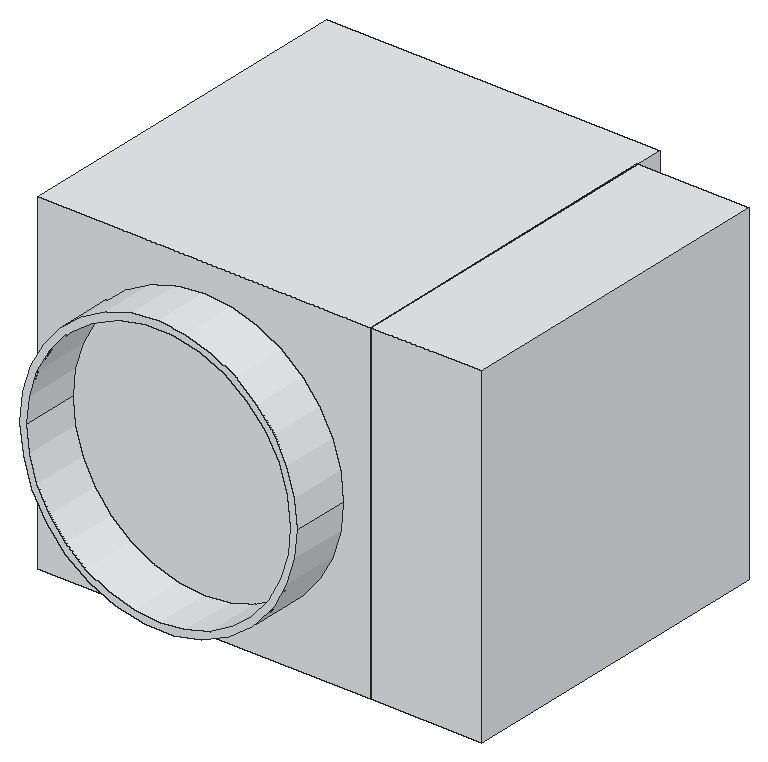
Revit family "Electric_Furnace-Unico-Round_Plenum", category Mechanical Equipment, Revit 2020
Family settings
  Round Connector Dimension = Use Diameter
  Classification = None
  Part Type = Normal
  OmniClass Number = 23.75.70.00
  OmniClass Title = HVAC Distribution Devices
  Work Plane-Based = No
  Always vertical = Yes
  Cut with Voids When Loaded = No
  Shared = No
  Room Calculation Point = No
Parameters (values of type "Not a Type - Load Type Catalog")
  Warranty URL = "https://www.unicosystem.com/wp-content/uploads/2022/08/Bulletin-10-010.pdf"
  Voltage [instance] = 240 V  # constant formula
  Video Link = "https://www.youtube.com/watch?v=aUAUzyZZRxY&themeRefresh=1"
  Version = "2020 - v1.0a"  # constant formula
  URL = "https://www.unicosystem.com/"
  Support Phone [instance] = "(224) 699-9545"  # constant formula
  Support Email [instance] = "support@bimsmith.com"
  Nominal Capacity = 1000 W * (size_lookup("Size", "kW", 0, Constraints))  # 2000 W
  Clearance [instance] = no
  Product Page URL = "https://shop.unicosystem.com/index.php?route=product/catalog&filter_keyword=Electric%20Furnace"
  Product Documentation Link = "https://shop.unicosystem.com/index.php?route=product/catalog&filter_keyword=Electric%20Furnace"
  Power Factor = 1  # constant formula
  Performance URL = "https://www.unicosystem.com/literature-media/"
  Number of Poles = size_lookup("Size", "Phase", 0, Constraints)  # 1
  Model = size_lookup("Size", "Model", "N/A", Constraints)  # "WON0202-C"
  Manufacturer Phone Number = "314-481-9000"  # constant formula
  Manufacturer Fax Number = "314-457-9000"  # constant formula
  Manufacturer Email = "https://www.unicosystem.com/customer-%20support/"
  Manufacturer Address = "1120 Intagliata Drive Arnold, MO 63010"  # constant formula
  Manufacturer = "Unico, Inc."  # constant formula
  Load Classification = HVAC
  Keynote = "23 30 00"
  Instruction Sheet Link = "https://www.unicosystem.com/wp-content/uploads/2024/01/Bulletin-30-020.pdf"
  Frequency = 60 Hz  # constant formula
  Finish = Metal - Unico - Silver
  Description = "Electric Furnace"  # constant formula
  Default Elevation = 0' - 0"
  Copyright = "© 2022 The Unico System. All rights reserved."  # constant formula
  Constraints = 1
  Width = size_lookup("Size", "Width", 0' 0", Constraints)  # 1' - 0"
  Length = size_lookup("Size", "Depth", 0' 0", Constraints)  # 1' - 1"
  Height = size_lookup("Size", "Height", 0' 0", Constraints)  # 1' - 0"
  Plenum Connection Diameter [instance] = 10"  # constant formula
  Assembly Code = "D3040100"
  Apparent Load = 1 VA * (size_lookup("Size", "Amp", 0, Constraints))  # 8.3 VA
Reference planes (in)
  plane 1 "Center (Front/Back)": y = 0
  plane 2: z = 0
  plane 3 "Center (Left/Right)": x = 0
Dimensions and locks (in)
  aligned and locked: plane 2 to level
  aligned and locked: plane 3 "Center (Left/Right)" to nested 1
  aligned and locked: nested 1 to plane 1 "Center (Front/Back)"
Nested families (in)
  nested 1: "Nested - Geo" at (-6, -6.5, 0), type "Default"
Connectors (in)
  hvac at (0, -8.54275, 6), driven by "Plenum Connection Diameter"
    settings: on nested 1, index 1, duct flow 0 CFM, flow factor 0, pres drop 0.00 in-wg, loss coef 0, conn angle 0.00°, conn width 12", conn height 12", conn diameter 10", duct sys type 4, conn prof type 0, flow config 0, flow direction 2, loss method 0, conn ref index -1, conn util no, is conn primary yes, conn desc "Plenum Connection"
  electrical at (10, -0.5, 6), driven by "Number of Poles", driven by "Load Classification", driven by "Voltage", driven by "Apparent Load", driven by "Power Factor"
    settings: on nested 1, index 2, voltage 240 V, apparent load 0 VA, apparent load phase1 8.3 VA, apparent load phase2 0 VA, apparent load phase3 0 VA, power factor 1, load classification "HVAC", number of poles 1, system type 31, power factor state 1, is connector primary yes, connector utility no, sub classification motor no, connector description "Electrical Connector"
Definition of nested family "Nested - Geo"
  Parameters (values of type "Default")
    Width = size_lookup("Size", "Width", 0' 1", Constraints)  # 1' - 0"
    Length = size_lookup("Size", "Depth", 0' 1", Constraints)  # 1' - 1"
    L = size_lookup("Size", "L", 0' 1", Constraints)  # 1' - 0"
    Height = size_lookup("Size", "Height", 0' 1", Constraints)  # 1' - 0"
    Finish = none
    Duct Diameter = 0' - 10"  # constant formula
    Default Elevation = 4' - 0"
    Constraints = 1
    Clearance = no
  Reference planes (in)
    plane 1 "Center (Front/Back)": y = 0
    plane 2: z = 0
    plane 3 "Center (Left/Right)": x = 0
    plane 4: y = 13
    plane 5: x = 12
    plane 6: x = 16
    plane 7: z = 12
    plane 8: x = 6
    plane 9: z = 6
    plane 10: x = 6
    plane 11: z = 6
    plane 12: x = 28
    plane 13: y = 6.5
  Forms (in)
    Extrusion 1, solid, material <- "Finish"
      sketch origin (0, 0, 0) x (1, 0, 0) y (0, 1, 0)
        loop
          line (0, 13) -> (0, 0) -> (12, 0) -> (12, 13) -> (0, 13)
      from 0 to 12
    Extrusion 2, solid, material <- "Finish"
      sketch origin (0, 0, 0) x (1, 0, 0) y (0, 1, 0)
        loop
          line (16, 0) -> (16, 12) -> (12, 12) -> (12, 0) -> (16, 0)
      from 0 to 12
    Extrusion 3, solid, material <- "Finish", detail levels coarse
      sketch origin (0, 0, 0) x (1, 0, 0) y (0, 0, 1)
        loop
          circle (6, 6) r 5
      from 0 to 2.04275
    Extrusion 4, solid, material <- "Finish", detail levels medium+fine
      sketch origin (0, 0, 0) x (1, 0, 0) y (0, 0, 1)
        loop
          circle (6, 6) r 5
        loop
          circle (6, 6) r 4.75
      from 0 to 2.04275
    Extrusion 5, solid, visible <- "Clearance"
      sketch origin (0, 0, 0) x (1, 0, 0) y (0, 1, 0)
        loop
          arc (28, 0) -> (24.48528, 8.48528) -> (16, 12) r 12
          line (16, 12) -> (16, 0) -> (28, 0)
      from 0 to 12
  Dimensions and locks (in)
    "L": plane 1 "Center (Front/Back)" to Extrusion 2 sketch curve
    "Height": plane 7 to plane 2
    equal spacing: plane 5, plane 8, plane 3 "Center (Left/Right)"
    equal spacing: plane 7, plane 9, plane 2
    "Width": plane 3 "Center (Left/Right)" to plane 5
    locked: plane 5 to plane 6 at 4
    equal spacing: plane 5, plane 10, plane 3 "Center (Left/Right)"
    equal spacing: plane 7, plane 11, level
    "Length": plane 1 "Center (Front/Back)" to plane 4
    "L": plane 6 to plane 12
    equal spacing: plane 1 "Center (Front/Back)", plane 13, plane 4
    "Duct Diameter": diameter of Extrusion 3 sketch curve
    "Duct Diameter": diameter of Extrusion 4 sketch curve
    "L": radius of Extrusion 5 sketch curve
    aligned and locked: plane 2 to level
    aligned and locked: Extrusion 1 sketch curve to plane 4
    aligned and locked: plane 3 "Center (Left/Right)" to Extrusion 1 sketch curve
    aligned and locked: Extrusion 1 sketch curve to plane 1 "Center (Front/Back)"
    aligned and locked: Extrusion 1 sketch curve to plane 5
    aligned and locked: Extrusion 2 sketch curve to plane 1 "Center (Front/Back)"
    aligned and locked: Extrusion 2 sketch curve to plane 6
    aligned and locked: plane 5 to Extrusion 2 sketch curve
    aligned and locked: plane 7 to Extrusion 1
    aligned and locked: plane 7 to Extrusion 2
    aligned and locked: plane 8 to Extrusion 3 sketch curve
    aligned and locked: plane 9 to Extrusion 3 sketch curve
    aligned and locked: plane 10 to Extrusion 4 sketch curve
    aligned and locked: plane 11 to Extrusion 4 sketch curve
    aligned and locked: plane 6 to Extrusion 5 sketch curve
    aligned and locked: plane 1 "Center (Front/Back)" to Extrusion 5 sketch curve
    aligned and locked: Extrusion 5 sketch curve to plane 1 "Center (Front/Back)"
    aligned and locked: Extrusion 5 sketch curve to plane 6
    aligned and locked: Extrusion 5 to Extrusion 1
    aligned and locked: Extrusion 2 to Extrusion 1
  Automatic sketch dimensions
    Extrusion 4 sketch curve to Extrusion 4 sketch curve = 0' - 0"  (x2)
    radius of Extrusion 4 sketch curve = 0' - 4 3/4"
Types in the file's own list only (10): name | Nominal Capacity | Number of Poles | Model | Constraints | Length | Apparent Load
  WON0202-C | 2000 W | 1 | "WON0202-C" | 1 | 1' - 1" | 8 VA
  WON0502-C | 5000 W | 1 | "WON0502-C" | 2 | 1' - 1" | 20 VA
  WON0752-C | 5000 W | 1 | "WON0752-C" | 3 | 1' - 4" | 31 VA
  WON1002-C | 7500 W | 1 | "WON1002-C" | 4 | 1' - 4" | 40 VA
  WON1502-C | 7500 W | 1 | "WON1502-C" | 5 | 1' - 9" | 60 VA
  WON2002-C | 10000 W | 1 | "WON2002-C" | 6 | 2' - 0" | 80 VA
  WON0504-C | 10000 W | 3 | "WON0504-C" | 7 | 1' - 9" | 12 VA
  WON0754-C | 15000 W | 3 | "WON0754-C" | 8 | 1' - 9" | 18 VA
  WON1004-C | 15000 W | 3 | "WON1004-C" | 9 | 1' - 9" | 23 VA
  WON1504-C | 20000 W | 3 | "WON1504-C" | 10 | 1' - 9" | 35 VA
